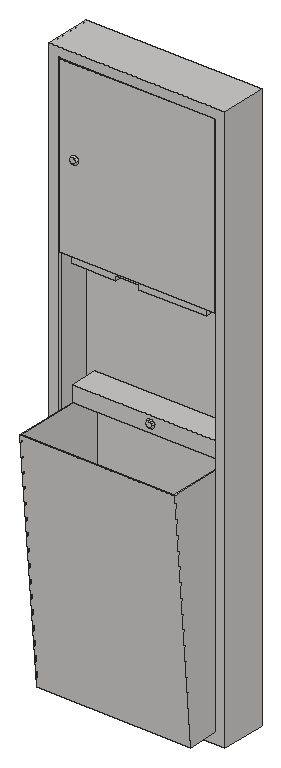
Revit family "Paper Dispenser and Waste_Metlam_Surface Mounted_49L Waste", category Specialty Equipment, Revit 2016
Family settings
  Part Type = Normal
  Round Connector Dimension = Use Diameter
  OmniClass Number = 23.40.20.21.17
  OmniClass Title = Paper Towel Dispensers, Disposal Units
  Work Plane-Based = No
  Always vertical = Yes
  Cut with Voids When Loaded = Yes
  Shared = No
  Room Calculation Point = Yes
Parameters (values of type "438w x 237d x 1420h (ML705SM_MK2)")
  URL = "http://www.metlam.com.au/"
  Type Comments = "2 in 1 Combo Units"  # constant formula
  Model = "ML705SM_MK2"
  Material_ANZRS = z_Metlam_Metal_Stainless Steel_Satin
  Manufacturer_URL__Product Specific = "https://www.metlam.com.au/product/content/paper-towel-dispenser-comb-units/ML705SM_MK2"
  Manufacturer_Spec Code = Model  # "ML705SM_MK2"
  Manufacturer_Overall Width = 438 mm
  Manufacturer_Overall Height = 1420 mm
  Manufacturer_Overall Depth = 237 mm
  Manufacturer_Height From FFL [instance] = 400 mm
  Manufacturer = "Metlam"  # constant formula
  Description = "Paper Towel Dispenser & Waste Receptacle - Surface Mounted"
  CreatedBy_ANZRS = "IGS BIM Solutions"  # constant formula
  CreatedByURL_ANZRS = "http://www.igsgroup.com.au/"
  Assembly Code = ""
Reference planes
  plane 1 "Back": y = 0
  plane 2 "Ref. Level": z = 0
  plane 3 "Center (Left/Right)": x = 0
  plane 4 "Left": x = -219
  plane 5 "Right": x = 219
  plane 6 "Front": y = -237
  plane 7 "Top": z = 1820
  plane 8 "Bottom": z = 400
  plane 9 "Recessed_Top": z = 1796
  plane 10 "Recessed_Bottom": z = 424
  plane 11 "Recessed_Left": x = -195
  plane 12 "Recessed_Right": x = 195
  plane 13 "Inside Back": y = -2
  plane 14 "Front Panel_Back": y = -107
  plane 15 "Front Panel_Front": y = -113
  plane 16 "Waste_Top": z = 1009
  plane 17 "Paper Dispenser_Bottom": z = 1343
Forms (mm)
  Extrusion 1, solid, material "z_Metlam_Metal_Stainless Steel_Satin" <- "Material_ANZRS"
    sketch origin (0, 0, 0) x (1, 0, 0) y (0, 0, 1)
      loop
        line (-219, 400) -> (219, 400) -> (219, 1820) -> (-219, 1820) -> (-219, 400)
      loop
        line (-217, 402) -> (217, 402) -> (217, 1818) -> (-217, 1818) -> (-217, 402)
    from 0 to 113
  Extrusion 2, solid, material "z_Metlam_Metal_Stainless Steel_Satin" <- "Material_ANZRS"
    sketch origin (0, 0, 0) x (1, 0, 0) y (0, 0, 1)
      loop
        line (-219, 400) -> (219, 400) -> (219, 1820) -> (-219, 1820) -> (-219, 400)
    from 0 to 2
  Extrusion 3, solid, material "z_Metlam_Metal_Stainless Steel_Satin" <- "Material_ANZRS"
    sketch origin (0, -113, 0) x (1, 0, 0) y (0, 0, 1)
      loop
        line (-219, 1820) -> (-219, 400) -> (219, 400) -> (219, 1820) -> (-219, 1820)
      loop
        line (-195, 424) -> (195, 424) -> (195, 1796) -> (-195, 1796) -> (-195, 424)
    from -6 to 0
  Extrusion 4, solid, material "z_Metlam_Metal_Stainless Steel_Satin" <- "Material_ANZRS"
    sketch origin (0, -237, 0) x (1, 0, 0) y (0, 0, 1)
      loop
        line (-193, 1794) -> (-193, 1363) -> (193, 1363) -> (193, 1794) -> (-193, 1794)
    from -130 to -124
  Blend 5, solid, material "z_Metlam_Metal_Stainless Steel_Satin" <- "Material_ANZRS"
    base sketch origin (0, 0, 424) x (-1, 0, 0) y (0, -1, 0)
      loop
        line (-192, 0) -> (192, 0) -> (192, 185.819) -> (-192, 185.819) -> (-192, 0)
    top sketch origin (0, 0, 1009) x (-1, 0, 0) y (0, -1, 0)
      loop
        line (192, 0) -> (192, 237) -> (-192, 237) -> (-192, 0) -> (192, 0)
    from 0 to 0
  Blend 6, void
    base sketch origin (0, 0, 424) x (-1, 0, 0) y (0, -1, 0)
      loop
        line (190, 2) -> (190, 183.819) -> (-190, 183.819) -> (-190, 2) -> (190, 2)
    top sketch origin (0, 0, 1009) x (-1, 0, 0) y (0, -1, 0)
      loop
        line (190, 2) -> (190, 235) -> (-190, 235) -> (-190, 2) -> (190, 2)
    from 2 to 0
  Extrusion 7, solid, material "z_Metlam_Metal_Stainless Steel_Satin" <- "Material_ANZRS"
    sketch origin (0, -107, 0) x (1, 0, 0) y (0, 0, 1)
      loop
        line (-168, 1363) -> (-168, 1343) -> (-58, 1343) -> (-58, 1353) -> (0, 1353) -> (0, 1343) -> (168, 1343) -> (168, 1363) -> (-168, 1363)
    from -10 to 0
  Blend 8, solid, material "z_Metlam_Metal_Stainless Steel_Satin" <- "Material_ANZRS", detail levels medium+fine
    base sketch origin (0, -113, 0) x (1, 0, 0) y (0, 0, 1)
      loop
        circle (-156.49, 1579.5) r 10
    top sketch origin (0, -113, 0) x (1, 0, 0) y (0, 0, 1)
      loop
        circle (-156.49, 1579.5) r 7
    from 0 to 4
  Extrusion 9, solid, material "z_Metlam_Metal_Stainless Steel_Satin" <- "Material_ANZRS"
    sketch origin (0, -2, 0) x (1, 0, 0) y (0, 0, 1)
      loop
        line (-193, 1009) -> (195, 1009) -> (195, 1049) -> (-193, 1049) -> (-193, 1009)
    from 0 to 70
  Blend 10, solid, material "z_Metlam_Metal_Stainless Steel_Satin" <- "Material_ANZRS", detail levels medium+fine
    base sketch origin (0, -2, 0) x (1, 0, 0) y (0, 0, 1)
      loop
        circle (0, 1029) r 10
    top sketch origin (0, -2, 0) x (1, 0, 0) y (0, 0, 1)
      loop
        circle (0, 1029) r 7
    from 70 to 74
Cuts and joins
  Blend 6 cuts Extrusion 1
  Blend 6 cuts Extrusion 2
  Blend 6 cuts Extrusion 3
  Blend 6 cuts Blend 5
  joined: Extrusion 1, Extrusion 2, Extrusion 3, Blend 5, Extrusion 9
  Blend 6 cuts Extrusion 4
Lines and regions (mm)
  Masking region 1
    outline origin (0, 0, 1009) x (-1, 0, 0) y (0, -1, 0)
      loop
        line (219, 0) -> (219, 113) -> (192, 113) -> (192, 237) -> (-192, 237) -> (-192, 113) -> (-219, 113) -> (-219, 0) -> (219, 0)
  symbolic lines, style "Bathroom Fixtures"
    curve 1: line (219, -107, 1009) -> (-219, -107, 1009)
    curve 2: line (-192, -113, 1009) -> (192, -113, 1009)
  symbolic lines, style "Bathroom Fixtures", detail levels medium+fine
    curve 3: line (-190, -113, 1009) -> (-190, -235, 1009)
    curve 4: line (-190, -235, 1009) -> (190, -235, 1009)
    curve 5: line (190, -235, 1009) -> (190, -113, 1009)
    curve 6: line (-190, -183.819, 1009) -> (190, -183.819, 1009)
Text (mm)
  text "> Contact Manufacturer to confirm feasibility of design variations outside the scope of this Revit Family\n\n\n\nDisclaimer:\n\nDue to ongoing product development and manufacturing evolution, product details are subject to change without notice. Please refer to product technical data sheets on the manufacturer’s website for the most current product information. Please allow a +/- 5mm manufacturing tolerance for dimensions and set-outs shown in product literature." at (279.757, 61.233, 0), in view "Ref. Level_Instruction"
Dimensions and locks
  equal spacing: plane 4 "Left", plane 3 "Center (Left/Right)", plane 5 "Right"
  "Manufacturer_Overall Width": plane 4 "Left" to plane 5 "Right"
  "Manufacturer_Overall Depth": plane 6 "Front" to plane 1 "Back"
  "Manufacturer_Overall Height": plane 7 "Top" to plane 8 "Bottom"
  locked: plane 7 "Top" to plane 9 "Recessed_Top" at 24
  locked: plane 10 "Recessed_Bottom" to plane 8 "Bottom" at 24
  locked: plane 11 "Recessed_Left" to plane 12 "Recessed_Right" at 390
  equal spacing: plane 11 "Recessed_Left", plane 3 "Center (Left/Right)", plane 12 "Recessed_Right"
  locked: plane 13 "Inside Back" to plane 1 "Back" at 2
  locked: plane 14 "Front Panel_Back" to plane 1 "Back" at 107
  locked: plane 15 "Front Panel_Front" to plane 14 "Front Panel_Back" at 6
  locked: plane 9 "Recessed_Top" to plane 17 "Paper Dispenser_Bottom" at 453
  locked: plane 16 "Waste_Top" to plane 10 "Recessed_Bottom" at 585
  "Manufacturer_Height From FFL": plane 8 "Bottom" to plane 2 "Ref. Level"
  locked: Extrusion 1 sketch curve to plane 7 "Top" at 2
  locked: plane 8 "Bottom" to Extrusion 1 sketch curve at 2
  aligned and locked: level to plane 2 "Ref. Level"
  aligned and locked: Extrusion 3 to plane 14 "Front Panel_Back"
  aligned and locked: plane 15 "Front Panel_Front" to Extrusion 3
  aligned and locked: Extrusion 3 sketch curve to plane 9 "Recessed_Top"
  aligned and locked: plane 15 "Front Panel_Front" to cut or joined group of Extrusion 1, Extrusion 2, Extrusion 3, Blend 5, Blend 6, Extrusion 9
Automatic sketch dimensions
  plane 9 "Recessed_Top" to Extrusion 2 sketch curve = 24 mm
  Extrusion 2 sketch curve to plane 11 "Recessed_Left" = 24 mm
  Extrusion 2 sketch curve to plane 10 "Recessed_Bottom" = 24 mm
  Extrusion 2 sketch curve to plane 12 "Recessed_Right" = 24 mm
  plane 11 "Recessed_Left" to Extrusion 4 sketch curve = 2 mm
  plane 12 "Recessed_Right" to Extrusion 4 sketch curve = 2 mm
  Extrusion 4 sketch curve to plane 9 "Recessed_Top" = 2 mm
  Extrusion 4 sketch curve to Extrusion 4 sketch curve = 431 mm
  plane 12 "Recessed_Right" to Blend 5 sketch curve = 3 mm  (x2)
  plane 11 "Recessed_Left" to Blend 5 sketch curve = 3 mm  (x2)
  Blend 5 sketch curve to plane 13 "Inside Back" = 2 mm  (x2)
  Blend 5 sketch curve to plane 6 "Front" = 51.181 mm
  plane 6 "Front" to Blend 5 sketch curve = 0 mm
  plane 13 "Inside Back" to Blend 6 sketch curve = 0 mm  (x2)
  plane 12 "Recessed_Right" to Blend 6 sketch curve = 5 mm  (x2)
  plane 11 "Recessed_Left" to Blend 6 sketch curve = 5 mm  (x2)
  Blend 6 sketch curve to plane 6 "Front" = 53.181 mm
  Blend 6 sketch curve to plane 6 "Front" = 2 mm
  Extrusion 7 sketch curve to plane 3 "Center (Left/Right)" = 0 mm
  Extrusion 7 sketch curve to Extrusion 7 sketch curve = 58 mm
  plane 11 "Recessed_Left" to Extrusion 7 sketch curve = 27 mm
  plane 12 "Recessed_Right" to Extrusion 7 sketch curve = 27 mm
  Extrusion 3 sketch curve to plane 4 "Left" = 0 mm
  Extrusion 3 sketch curve to plane 11 "Recessed_Left" = 0 mm
  Extrusion 3 sketch curve to plane 10 "Recessed_Bottom" = 0 mm
  plane 12 "Recessed_Right" to Extrusion 3 sketch curve = 0 mm
  plane 5 "Right" to Extrusion 3 sketch curve = 0 mm
  Extrusion 3 sketch curve to plane 8 "Bottom" = 0 mm
  Extrusion 3 sketch curve to plane 7 "Top" = 0 mm
  plane 9 "Recessed_Top" to Extrusion 1 sketch curve = 24 mm
  Extrusion 1 sketch curve to plane 11 "Recessed_Left" = 24 mm
  Extrusion 1 sketch curve to plane 12 "Recessed_Right" = 24 mm
  Extrusion 1 sketch curve to plane 10 "Recessed_Bottom" = 24 mm
  Extrusion 1 sketch curve to plane 11 "Recessed_Left" = 22 mm
  Extrusion 1 sketch curve to plane 12 "Recessed_Right" = 22 mm
  plane 11 "Recessed_Left" to Blend 8 sketch curve = 38.51 mm  (x2)
  Blend 8 sketch curve to plane 9 "Recessed_Top" = 216.5 mm  (x2)
  Extrusion 9 sketch curve to plane 16 "Waste_Top" = 0 mm
  plane 12 "Recessed_Right" to Extrusion 9 sketch curve = 0 mm
  plane 11 "Recessed_Left" to Extrusion 9 sketch curve = 2 mm
  Extrusion 9 sketch curve to Extrusion 9 sketch curve = 40 mm
  Blend 10 sketch curve to plane 3 "Center (Left/Right)" = 0 mm  (x2)
  plane 16 "Waste_Top" to Blend 10 sketch curve = 20 mm  (x2)
  Extrusion 7 sketch curve to plane 17 "Paper Dispenser_Bottom" = 0 mm  (x2)
  plane 17 "Paper Dispenser_Bottom" to Extrusion 7 sketch curve = 10 mm
  Extrusion 7 sketch curve to Extrusion 7 sketch curve = 20 mm
  plane 1 "Back" to Masking region 1 sketch curve = 0 mm
  Masking region 1 sketch curve to plane 5 "Right" = 0 mm
  plane 6 "Front" to Masking region 1 sketch curve = 0 mm
  plane 15 "Front Panel_Front" to Masking region 1 sketch curve = 0 mm  (x2)
  Masking region 1 sketch curve to plane 4 "Left" = 0 mm
  plane 12 "Recessed_Right" to Masking region 1 sketch curve = 3 mm
  plane 11 "Recessed_Left" to Masking region 1 sketch curve = 3 mm
  curve 1 to plane 5 "Right" = 0 mm
  plane 15 "Front Panel_Front" to curve 2 = 0 mm
  curve 1 to plane 4 "Left" = 0 mm
  plane 14 "Front Panel_Back" to curve 1 = 0 mm
  curve 5 to plane 6 "Front" = 2 mm
  plane 12 "Recessed_Right" to curve 5 = 5 mm
  plane 11 "Recessed_Left" to curve 3 = 5 mm
  curve 2 to curve 5 = 2 mm
  curve 3 to curve 2 = 2 mm
  curve 6 to curve 3 = 51.181 mm
  radius of Blend 8 sketch curve = 10 mm
  radius of Blend 8 sketch curve = 7 mm
  radius of Blend 10 sketch curve = 10 mm
  radius of Blend 10 sketch curve = 7 mm
